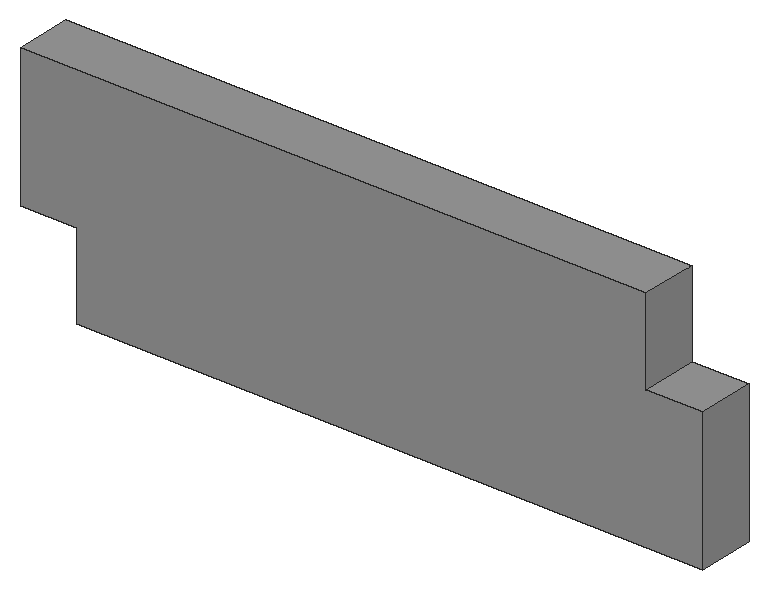
Revit family "1. Doré_StraightP_EN", category Modelos genéricos, Revit 2017
Family settings
  Anfitrión = Muro
  Puede alojar armadura = No
  Cota de conector redondo = Diámetro de uso
  Tipo de pieza = Normal
  Siempre vertical = Sí
  Corte con vacíos al cargar = No
  Compartido = No
  Punto de cálculo de habitación = No
Parameters (values of type "Stonepanel® Doré 20 cm - 60 cm")
  Stonepanel advantages = "More Efficient: Simple and quick installation: 10 times faster than traditional masonry (placing rate average 20m2/day). More profitable: virtually non-existent product waste. Natural Stone products are more durable than other cladding materials. Stonepanel™ installation requires no skilled labour or machinery.\r\nSafer: The incorporated mechanical anchor of Stonepanel™, made of stainless steel, enables the installation of natural stone panel on surfaces higher than two meters. Strong and uniform cement base ensures adherence and allows piece cutting without risk of detachment.\r\nHigh Quality: Manufacturing processes are continually monitored by the R&D Department of CUPAGROUP. A great selection of natural stone is done by the experts of CUPASTONE. Special pieces are available, such as corners (solid, straight end, double end or for windows), coverings and other complementary solutions.\r\nMore Aesthetic: ‘S’-shaped panels to avoid visible joints, in order to enhance the external look of any projet. A wide range of natural stone panels with different colours and finishes is available. Beauty and exclusiveness of the natural stone: each piece is unique."
  Uses Indicated = "Decorative cladding system suitable for indoor and outdoor use on new or existing buildings when attached to solid walls of masonry or concrete.\r\nStonepanel Sky can be installed at any height. Stonepanel can be installed at heights up to 2 metres."
  URL = "http://www.cupastone.com/cupa/productos/panel-de-piedra/?n=stonepanel-orient-oro"
  Fire resistance = "Non-combustible"
  Durability = "The system has a design life in excess of 30 years"
  Delivery form = "Panels are packed in plastic in pairs."
  Construction details = "Details of:\r\n- Installation with a metal profile\r\n- Installation of Stonepanel\r\n- Installation on interior wall\r\n- Installation of the safety element (perforated band, screws and wall plugs)\r\n- Incoming corner\r\n- Protruding corner\r\n- Prefabricated protruding corner\r\n- Protruding corner with sawn panels\r\n- Protruding corner without Stonepanel continuity (lateral façade)\r\n- Upper edges\r\n- Avobe parapet\r\n- Frame of vain"
  Resistance = "High resistance"
  Weight = "8,75 kg"
  Oxidation = "No oxidation"
  Other relevant info = "All panels installed above 2 m from the ground must be fixed with both mortar adhesive and mechanical fixings"
  Modelo = "Stonepanel® Doré"
  Material = "Golden quartzite with brown and grey tones, that\r\ncreates an elegant and bright look for modern and rustic projects."
  Cleaning = "Generally the panels do not require maintenance and are self-cleaning but removal of some types of mark may require specialist treatment\r\nFor abnormal soiling, the surface may be cleaned using a hot water/household detergent mixture, applied\r\nwith a suitable cleaning pad or sponge."
  Large = 600 mm
  Imagen de tipo = <Ninguno>
  Format = "600 x 200"
  Form = "“S”-shaped"
  Fabricante = "Cupastone"
  Anchor system = "Perforated steel banding:\r\n- Stainless steel grade AISI 316 (1.4401) or AISI 304 (1.4301) with a minimum thickness of 0.7 mm and width of 12 mm to 15 mm, with holes 6±1 mm in diameter.\r\n- Stainless steel grade AISI 304 (1.4301) with a minimum thickness of 0.8 mm and width of 10±1 mm, with holes 5±1 mm in diameter.\r\n- The steel banding has five holes on each of the two wings, which are aligned in order to fix a screw through both holes into the wall.\r\n\r\nStainless steel screws and wall plugs:\r\nThe pull-out value of the fixings for securing Stonepanel Sky panels to the wall should be determined on site using the characteristic pull-out resistance divided by a minimum safety factor of 3."
  Tests performed by Avis Technique = "Avis Technique\r\nMechanical strenth of the anchor\r\nResistance of the mechanical fixing\r\nTesting of durability after water\r\nDurability after freeze\r\nSeismic test\r\nFire test"
  Height offset = 0 mm
  Descripción = "Panel made of natural stones bonded to a cement base reinforced with glassfibre mesh\r\n Each panel incorporates an embedded mechanical anchor used for additional fixing system, for heights above 2 metres from the ground"
  Apparent Density = "79,5 kg/m2"
  Secondary colour = "Grey"
  Principal colour = "Gold"
  Certifications = "Avis Technique - France - In process"
  Aspect = "Contemporary"
  Width = 50 mm
  Height = 200 mm
  Finish = "Natural"
  Absorption = "Low absorption"
Reference planes
  plane 1 "Muro": y = 0
  plane 2 "Centro (Izquierda/Derecha)": x = 125
  plane 3 "Posterior": y = 75
Forms (mm)
  Extrusion 1, solid, material "Stonepanel® SKY Orient Gold"
    sketch origin (0, 160, 1120) x (1, 0, 0) y (0, 0, 1)
      loop
        line (125, -1120) -> (125, -996) -> (75, -996) -> (75, -920) -> (-475, -920) -> (-475, -1044) -> (-425, -1044) -> (-425, -1120) -> (125, -1120)
    from 35 to 85
Text (mm)
  text "Cara de colocación" at (-1848.837, 1116.779, 0), in view "Nivel de referencia"
  text "Cara de colocación" at (0, 1409.804, 2854.306), in view "Izquierda"
  text "Cara de colocación" at (0, 499.811, 2980.732), in view "Derecha"
Dimensions and locks
  locked: plane 3 "Posterior" to host wall
  locked: Extrusion 1 to plane 3 "Posterior" at 0
  "Width": Extrusion 1 to Extrusion 1
  "Large": Extrusion 1 to Extrusion 1
  locked: Extrusion 1 to Extrusion 1 at 76  (x2)
  "Height offset": level to Extrusion 1
  locked: Extrusion 1 to Extrusion 1 at 50  (x2)
  "Height": Extrusion 1 to Extrusion 1
  aligned and locked: plane 1 "Muro" to host wall
Automatic sketch dimensions
  level to Extrusion 1 sketch curve = 0 mm
  Extrusion 1 sketch curve to plane 2 "Centro (Izquierda/Derecha)" = 0 mm
  Extrusion 1 sketch curve to plane 2 "Centro (Izquierda/Derecha)" = 50 mm
  Extrusion 1 sketch curve to Extrusion 1 sketch curve = 500 mm
  Extrusion 1 sketch curve to Extrusion 1 sketch curve = 50 mm
  level to Extrusion 1 sketch curve = 124 mm
  level to Extrusion 1 sketch curve = 76 mm
  Extrusion 1 sketch curve to Extrusion 1 sketch curve = 76 mm
